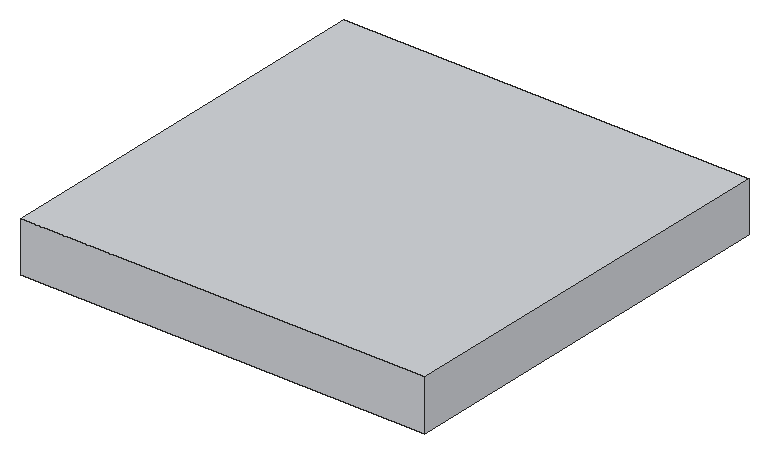
Revit family "15-7196-14-MS", category Luminarias, Revit 2017
Family settings
  Anfitrión = Cara
  Cota de conector redondo = Diámetro de uso
  Tipo de pieza = Normal
  Número OmniClass = 23.80.70.00
  Título OmniClass = Lighting
  Corte con vacíos al cargar = No
  Origen de luz = No
  Compartido = Sí
  Punto de cálculo de habitación = No
Parameters (values of type "15-7196-14-MS")
  Versión = "v1"
  Vatios (W) = 25.7
  Tipo de regulación = "TRIAC"
  Tipo = "Plafon"
  Tender text (English) = "LEDS C4\nBento Surface 12 LEDS\n15-7196-14-MS\n\nRecessed light fitting for indoor use. \n\nFor downlighting. UGR &lt;10. Structure material: Aluminium. Structure finish: White. Warranty: 5 Years.\n\nProduct net weight (Kg): 0.720\nProduct length (mm): 322.5\nProduct width or diameter (mm): 35.8\nProduct height (mm): 85\n\nClass 2. IP: IP23. LED. No. of lampholders or LEDs: 12. LED brand: NICHIA. Driver brand: ELT. Maximum power of light source: 24.4W. Colour temperature: LED warm-white 2700K. Colour rendering index: 90. MacAdam Steps: 3. Maximum diameter of luminaire bulb: 50.000h L80B20. Photobiological risk: RG2. Real flux (lm): 1744. Nominal flux (lm): 2160. Lm/Real W: 68. Voltage and frequency range: 198-264/50-60Hz. Voltage: 3. Gear included: Yes, electronic. Total power: 25.7. Power factor: 0.90. Dimmable gear included: TRIAC."
  Tender text (Castellano) = "LEDS C4\nBento Surface 12 LEDS\n15-7196-14-MS\n\nPlafón de uso interior para iluminar hacia abajo. \n\nUGR &lt;10. Material estructura: Aluminio. Acabado estructura: Blanco. Garantía: 5 Años.\n\nPeso neto del producto (Kg): 0.720\nLongitud del producto (mm): 322.5\nAnchura o diámetro del producto (mm): 35.8\nAltura del producto (mm): 85\n\nClase 2. IP: IP23. LED. Nº de portalámparas o Leds: 12. Marca del LED: NICHIA. Marca del Driver: ELT. Potencia máxima de la fuente de luz: 24.4W. Temperatura de color: Blanco cálido - 2700K. Índice de reproducción cromática: 90. Steps Mac Adam: 3. Diámetro máximo de la bombilla que admite la luminaria: 50.000h L80B20. Riesgo fotobiológico: RG2. Flujo real (lm): 1744. Flujo nominal (lm): 2160. Lm/W reales: 68. Rango de voltaje/frecuencia: 198-264/50-60Hz. Voltaje: 3. Equipo incluido: Si, electrónico. Potencia total: 25.7. Factor de potencia: 0.90. Equipo regulable incluido: TRIAC."
  Temperatura color led (K) = "Blanco cálido - 2700K"
  Referencia = "15-7196-14-MS"
  Rayo de luz = "EXTRA SPOT"
  Producto descatalogado = "Catalogado ES"
  Pluma comercial = "http://files.leds-c4.com/pl/15-7196-14-MS.html"
  Peso neto (KG) = 0.72
  Material = "Aluminio"
  Lumenes reales (lm) = 1744
  LDT = "http://files.leds-c4.com/ldt/15-7196-14-MS.html"
  Imagen web = "http://files.leds-c4.com/main-photo/15-7196-14-MS"
  IfcExportType = "NOTDEFINED"
  IfcExportAs = "IfcLightFixture\r\nIfcLightFixture"
  IP = "IP23"
  IMC = "http://files.leds-c4.com/imc/15-7196-14-MS.html"
  IK = ""
  Fuente de luz = "12xLED 24.4 2160.00 lm"
  Fotometría = "http://files.leds-c4.com/fm/15-7196-14-MS.html"
  Ficha = "http://files.leds-c4.com/ft/es/15-7196-14-MS.html"
  FechaVersion = "Julio 2020"
  Familia = "Bento Surface 12 LEDS"
  Fabricante = "LEDS C4"
  Etiqueta V/f = "220-240V/50-60Hz"
  Elevación por defecto = 1000 mm
  Eficiencia energética = "LED A++"
  EAN13 = "8435526869299"
  DescripcionUniformat2010 = "Lighting"
  DescripcionUniclass2015 = "Lighting"
  DescripcionOmniclass = "Lighting"
  DescripcionGubimclass = "Iluminación interior"
  CodigoUniformat2010 = "D5040"
  CodigoUniclass2015 = "EF_70_80"
  CodigoOmniclass = "21-04 50 40"
  CodigoGubimclass = "50.60.50.20"
  Catálogo = "Technical"
  Carga aparente = 0 VA
  CRI = 90
  Acabado = "Blanco"
Types (2, lengths in mm): name | Lumenes reales (lm) | CRI
  (no name) | 0 | 0
  15-7196-14-MS | 1744 | 90
Values of the unnamed type that differ from the named types
  Vatios (W) = 0
  Tipo de regulación = ""
  Tipo = ""
  Tender text (English) = ""
  Tender text (Castellano) = ""
  Temperatura color led (K) = ""
  Referencia = ""
  Rayo de luz = ""
  Producto descatalogado = ""
  Pluma comercial = ""
  Peso neto (KG) = 0
  Material = ""
  LDT = ""
  Imagen web = ""
  IP = ""
  IMC = ""
  Fuente de luz = ""
  Fotometría = ""
  Ficha = ""
  Familia = ""
  Etiqueta V/f = ""
  Eficiencia energética = ""
  EAN13 = ""
  Catálogo = ""
  Acabado = ""
Reference planes
  plane 1 "Centro (Frontal/Posterior)": y = 0
  plane 2: z = 0
  plane 3 "Centro (Izquierda/Derecha)": x = 0
  plane 4 "Elevación de origen de luz": z = 0
  plane 5 "Eje de origen de luz (F/P)": y = 0
  plane 6 "Eje de origen de luz (I/D)": x = 0
Forms (mm)
  Extrusion 1, solid
    sketch origin (0, 0, 0) x (1, 0, 0) y (0, 1, 0)
      loop
        line (-1219.2, 1219.2) -> (-1219.2, -1219.2) -> (1219.2, -1219.2) -> (1219.2, 1219.2) -> (-1219.2, 1219.2)
    from 0 to -304.8
Dimensions and locks
  aligned and locked: plane 2 to Extrusion 1
  aligned and locked: level to Extrusion 1
Nested families
  nested 1: "Luz anidada" at (0, 145.75, 5.5), type "Tipo1"
  nested 2: "Luz anidada" at (0, 119.25, 4.525), type "Tipo1"
  nested 3: "Luz anidada" at (0, 92.75, 5.5), type "Tipo1"
  nested 4: "Luz anidada" at (0, 66.25, 4.525), type "Tipo1"
  nested 5: "Luz anidada" at (0, 39.75, 4.525), type "Tipo1"
  nested 6: "Luz anidada" at (0, 13.25, 4.525), type "Tipo1"
  nested 7: "Luz anidada" at (0, -13.25, 4.525), type "Tipo1"
  nested 8: "Luz anidada" at (0, -39.75, 4.525), type "Tipo1"
  nested 9: "Luz anidada" at (0, -66.25, 4.525), type "Tipo1"
  nested 10: "Luz anidada" at (0, -92.75, 5.5), type "Tipo1"
  nested 11: "Luz anidada" at (0, -119.25, 4), type "Tipo1"
  nested 12: "Luz anidada" at (0, -145.75, 4.525), type "Tipo1"
Connectors
  electrical at (0, 0, 0)
    settings: on Extrusion 1, index 1, voltage 0 V, apparent load 0 VA, apparent load phase1 0 VA, apparent load phase2 0 VA, apparent load phase3 0 VA, power factor 1, load classification "Otro", number of poles 1, system type 31, power factor state 1, is connector primary yes, connector utility no, sub classification motor no, connector description ""
Definition of nested family "Luz anidada"
  Parameters (values of type "Tipo1")
    Tilt Angle = 90.00°
    Wattage = 2.14167 W
    Tipo de regulación = ""
    Tipo = ""
    Tender text = ""
    built-in parameter 1150110 = 1 (stored number, unit not read)
    Pluma comercial = ""
    Material = ""
    Imagen = ""
    IP = ""
    IMC = ""
    IK = ""
    Fotometría = ""
    Ficha = ""
    Familia = ""
    Estado en catálogo = ""
    Peso neto = ""
    Lamp = ""
    built-in parameter 1114217 = 1 (stored number, unit not read)
    built-in parameter 1150109 = 1 (stored number, unit not read)
    Etiqueta vf = ""
    Eficiencia energética = ""
    EAN13 = ""
    built-in parameter 1150134 = (empty or 0)
    built-in parameter 1150113 = 1 (stored number, unit not read)
    Lumens = 2391 lm
    built-in parameter 1150115 = 1 (stored number, unit not read)
    built-in parameter 1150105 = 109.82 (stored number, unit not read)
    built-in parameter 1150137 = (empty or 0)
    built-in parameter 1150139 = (empty or 0)
    built-in parameter 1150112 = 1 (stored number, unit not read)
    built-in parameter 1150114 = 1 (stored number, unit not read)
    built-in parameter 1150132 = (empty or 0)
    built-in parameter 1150102 = (empty or 0)
    built-in parameter 1150138 = (empty or 0)
    built-in parameter 1150107 = 2700 (stored number, unit not read)
    built-in parameter 1150106 = 1.0982 (stored number, unit not read)
    built-in parameter 1150104 = 6.3044 (stored number, unit not read)
    Catálogo = ""
    Dimming Lamp Color Temperature Shift = (empty or 0)
    Color Filter = 16777215
    built-in parameter 1114218 = 1 (stored number, unit not read)
    CRI = 0
    Photometric Web File = "15-7196-14-MS.ies"
    Acabado = ""
    built-in parameter 1150133 = 10 (stored number, unit not read)
  Reference planes
    plane 1 "Eje de origen de luz (F/P)": y = 0
    plane 2: z = 0
    plane 3 "Eje de origen de luz (I/D)": x = 0
    plane 4 "Elevación de origen de luz": z = 0
  Dimensions and locks
    aligned and locked: plane 3 "Eje de origen de luz (I/D)" to imposter light
    aligned and locked: plane 1 "Eje de origen de luz (F/P)" to imposter light
    aligned and locked: plane 4 "Elevación de origen de luz" to imposter light
    aligned and locked: level to plane 2
